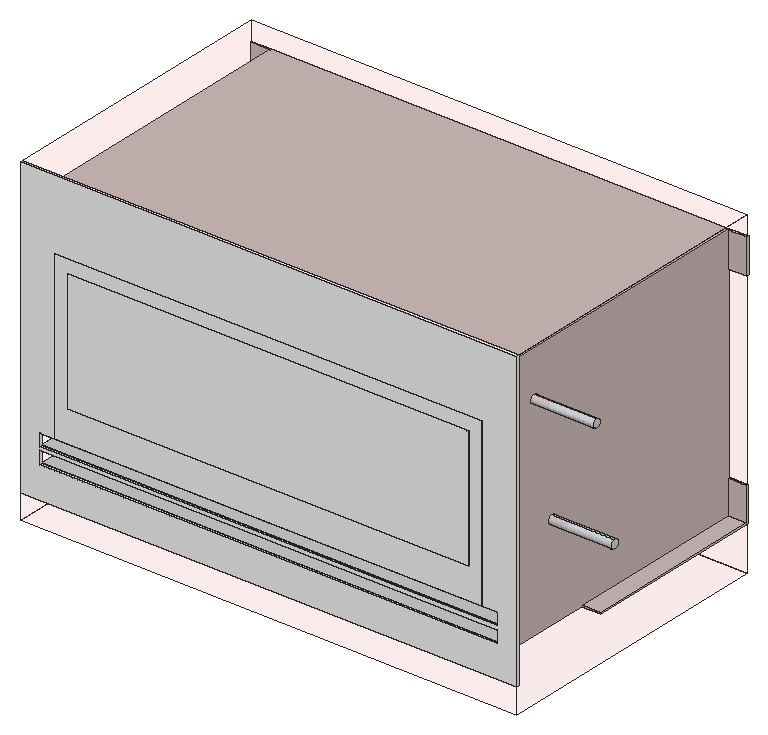
Revit family "Air-Curtain_Customer-Entry_PoweredAire_ECC-HW", category Mechanical Equipment, host Face, Revit 2019
Family settings
  Host = Face
  Round Connector Dimension = Use Diameter
  Part Type = Normal
  OmniClass Number = 23.75.35.17.21
  OmniClass Title = Air Curtains
  Cut with Voids When Loaded = No
  Shared = No
  Room Calculation Point = No
Parameters
  upperpiperotation [instance] = if(Upper Pipe Connection Side A, 0.00°, 180.00°)  # 0.00°
  lowerpiperotation [instance] = if(Lower Pipe Connection Side A, 0.00°, 180.00°)  # 0.00°
  locateupperpipe [instance] = if(Upper Pipe Connection Side A, 0' 0", Nozzle Width)  # 0' - 0"
  locatelowerpipe [instance] = if(Lower Pipe Connection Side A, 0' 0", Nozzle Width)  # 0' - 0"
  Warranty Duration (Years) = 0
  Upper Pipe Connection Side A [instance] = yes
  Unit Width Notes = "Other Widths available."  # constant formula
  Unit Width = 3' - 3"
  Unit Weight = 0
  Unit Height = 1' - 10 3/4"
  Unit Depth = 1' - 11 1/4"
  URL = "http://www.poweredaire.com/"
  Test Data = ""
  Standards Conformance = "as Specified"
  Specification = "http://www.arcat.com/sdspecs/htm04/23_34_33pai.htm"
  SpecWizard = ""
  Sound Pressure = "as Specified"
  Sales Information = "http://www.poweredaire.com/contact_us"
  Revision = "R1_2016-08"
  Projection from Host [instance] = 0' - 2"
  Product Properties = ""
  Product Data = "http://www.arcat.com/arcatcos/cos47/arc47623.html"
  Power Rating = 0 W
  Piping_Water Flow [instance] = 0 GPM
  Piping_Operating Pressure [instance] = 0.00 psi
  Piping_Exit Temperature [instance] = 0 °F
  Piping_Entry Temperature [instance] = 0 °F
  Pipe OD [instance] = 5/8"
  Nozzle Width = if(1 = 1, Unit Width - 0' 3", 0' 0")  # 3' - 0"
  Mounting Width = if(1 = 1, Unit Width - 0' 1 1/2", 0' 0")  # 3' - 1 1/2"
  Mounting Height [instance] = 3' - 6"
  Motor RPM = 0
  Motor HP = 0
  Motor Count = 0
  Model = "As Specified"
  Max Height = 0' - 0"
  Manufacturer Website = "http://www.poweredaire.com/"
  Manufacturer Phone - Toll Free = "888-321-2473"
  Manufacturer Phone = "724-588-3305"
  Manufacturer Fax = "724-588-3371"
  Manufacturer Address = "109 Mortensen Rd.  Greenville, PA 16125"
  Manufacturer = "Powered Aire, Inc"
  Maintenance Schedule (Months) = 0
  Lower Pipe Connection Side A [instance] = yes
  Keynote = "23 34 33"
  Installation-Fabrication = ""
  Installation Phase = ""
  Include Clearance [instance] = yes
  Heating Element Load = 0 W
  HVAC_Temperature Rise = 0 °F
  HVAC_Outlet Volume = 0 CFM
  HVAC_Outlet Velocity Uniformity = 0
  HVAC_Outlet Velocity = 0 FPM
  HVAC_BTU Input = 0.0 Btu/h
  Green Building-LEED = "http://www.arcat.com/green/clients/leed_data_47623.html"
  Front Grating Material [instance] = Metal - Steel - PoweredAire - White Perforated
  Frame Finish [instance] = Metal - Steel - PoweredAire - Stainless 304
  Expected Lifespan (Years) = 0
  Electrical_Wattage [instance] = Power Rating + Heating Element Load  # 0 W
  Electrical_Voltage [instance] = 0 V
  Electrical_Phase [instance] = 1
  Electrical_Frequency [instance] = 0 Hz
  Electrical_Amperage [instance] = 0 A
  Drawn By = "Sumex Design, Inc. / Robert S. Weygant, CSI, CDT, SCIP"
  Description = "Powered Aire Air Curtain as Specified"
  Default Elevation = 0' - 0"  # constant formula
  Cover Finish [instance] = Metal - Steel - PoweredAire - White
  Copyright = "©Arcat Inc."
  Construction Details = "http://www.arcat.com/details/powair/prod3336.html"
  Clearance_Top [instance] = 0' - 0"
  Clearance_Side B [instance] = 0' - 0"
  Clearance_Side A [instance] = 0' - 0"
  Clearance_Intake [instance] = 0' - 0"
  Clearance_Front [instance] = 0' - 0"
  Clearance Material [instance] = ARCAT Clearance
  Building Codes = ""
  Available Options [instance] = "as Specified"
  Assembly Code = "D3090400"
Reference planes (in)
  plane 1 "Center (Elevation)": y = 11.51318
  plane 2: z = 0
  plane 3 "Center (Left/Right)": x = 0
  plane 4: y = 22.88818
  plane 5: y = 0.13818
  plane 6: x = -19.5
  plane 7: x = 19.5
  plane 8: z = 25.25
  plane 9 "FF": y = -41.86182
  plane 10: z = 2
  plane 11: x = 18
  plane 12: x = -18
  plane 13: y = 22.88818
  plane 14: y = 0.13818
  plane 15: x = -19.5
  plane 16: x = 19.5
  plane 17: z = 25.25
  plane 18: y = 0.38818
  plane 19: x = 18
  plane 20: x = 18
  plane 21: z = 20.25
  plane 22: z = 11
Forms (in)
  Extrusion 1, solid, material "ARCAT Clearance" <- "Clearance Material", visible <- "Include Clearance"
    sketch origin (0, 0, 0) x (0, 1, 0) y (0, 0, 1)
      loop
        line (0.13818, 25.25) -> (0.13818, 0) -> (22.88818, 0) -> (22.88818, 25.25) -> (0.13818, 25.25)
    from -19.5 to 19.5
  Extrusion 2, solid, material "Metal - Steel - PoweredAire - White" <- "Cover Finish"
    sketch origin (0, 11.51318, 0) x (1, 0, 0) y (0, 0, 1)
      loop
        line (-19.5, 25.25) -> (-19.5, 2) -> (19.5, 2) -> (19.5, 25.25) -> (-19.5, 25.25)
    from 11.125 to 11.375
  Extrusion 3, solid, material "Metal - Steel - PoweredAire - Stainless 304" <- "Frame Finish"
    sketch origin (0, 11.51318, 0) x (1, 0, 0) y (0, 0, 1)
      loop
        line (18, 23.75) -> (-18, 23.75) -> (-18, 3.5) -> (18, 3.5) -> (18, 23.75)
    from -11.375 to 11.125
  Extrusion 4, void
    sketch origin (0, 0, 0) x (0, 1, 0) y (0, 0, 1)
      loop
        line (0.13818, 5.5) -> (0.13818, 4.5) -> (1.88818, 4.5) -> (1.88818, 6.75) -> (0.13818, 6.75) -> (0.13818, 5.75) -> (1.63818, 5.75) -> (1.63818, 5.5) -> (0.13818, 5.5)
    from -18 to 18
  Extrusion 5, solid, material "Metal - Steel - PoweredAire - White" <- "Cover Finish"
    sketch origin (-11.83813, 0.13818, 48) x (-1, 0, 0) y (0, 0, 1)
      loop
        line (4.91187, -41.25) -> (4.91187, -28.25) -> (-28.58813, -28.25) -> (-28.58813, -41.25) -> (4.91187, -41.25)
    from 0 to -0.03125
  Extrusion 6, solid, material "Metal - Steel - PoweredAire - White Perforated" <- "Front Grating Material"
    sketch origin (-11.83813, 0.10693, 48) x (1, 0, 0) y (0, 0, 1)
      loop
        line (-3.91187, -29.25) -> (-3.91187, -38.75) -> (27.58813, -38.75) -> (27.58813, -29.25) -> (-3.91187, -29.25)
    from 0 to 0.03125
  Extrusion 7, solid, material "Metal - Steel - PoweredAire - Stainless 304" <- "Frame Finish"
    sketch origin (-15.17702, -180, 2) x (-1, 0, 0) y (0, -1, 0)
      loop
        line (-33.17702, -202.88818) -> (-33.17702, -188.38818) -> (-34.67702, -188.38818) -> (-34.67702, -202.88818) -> (-33.17702, -202.88818)
      loop
        line (2.82298, -202.88818) -> (4.32298, -202.88818) -> (4.32298, -188.38818) -> (2.82298, -188.38818) -> (2.82298, -202.88818)
    from 1.5 to 1.625
  Extrusion 8, solid, material "Metal - Steel - PoweredAire - Stainless 304" <- "Frame Finish"
    sketch origin (-11.83813, 22.88818, 48) x (-1, 0, 0) y (0, 0, 1)
      loop
        line (7.66187, -44.5) -> (7.66187, -41.75) -> (6.16187, -41.75) -> (6.16187, -44.5) -> (7.66187, -44.5)
      loop
        line (-31.33813, -44.5) -> (-29.83813, -44.5) -> (-29.83813, -41.75) -> (-31.33813, -41.75) -> (-31.33813, -44.5)
      loop
        line (7.66187, -27) -> (7.66187, -24.25) -> (6.16187, -24.25) -> (6.16187, -27) -> (7.66187, -27)
      loop
        line (-31.33813, -27) -> (-29.83813, -27) -> (-29.83813, -24.25) -> (-31.33813, -24.25) -> (-31.33813, -27)
    from 0 to -0.125
  Sweep 9, solid
    path origin (18, 11.51318, 20.25) x (1, 0, 0) y (0, 0, 1)
      loop
        line (0, 0) -> (5, 0)
    profile origin (20.5, 11.51318, 20.25) x (0, 0, 1) y (0, -1, 0)
      loop
        circle (0, 7.875) r 0.3125
  Sweep 10, solid
    path origin (18, 11.51318, 11) x (1, 0, 0) y (0, 0, 1)
      loop
        line (0, 0) -> (5, 0)
    profile origin (20.5, 11.51318, 11) x (0, 0, 1) y (0, -1, 0)
      loop
        circle (0, 6.125) r 0.3125
Cuts and joins
  Extrusion 4 cuts Extrusion 1
  Extrusion 4 cuts Extrusion 2
  Extrusion 4 cuts Extrusion 3
Lines and regions (in)
  reference lines
    curve 1: line (18, 11.51318, 20.25) -> (25.75, 11.51318, 20.25)
    curve 2: line (18, 11.51318, 11) -> (26.25, 11.51318, 11)
Dimensions and locks (in)
  equal spacing: plane 4, plane 1 "Center (Elevation)", plane 5
  "Unit Height": plane 4 to plane 5
  equal spacing: plane 6, plane 3 "Center (Left/Right)", plane 7
  "Unit Width": plane 6 to plane 7
  "Mounting Height": plane 5 to plane 9 "FF"
  "Projection from Host": plane 10 to level
  "Unit Depth": plane 8 to plane 10
  locked: plane 6 to plane 12 at 1.5
  locked: plane 11 to plane 7 at 1.5
  "Clearance_Side A": plane 7 to plane 16
  "Clearance_Side B": plane 15 to plane 6
  "Clearance_Top": plane 13 to plane 4
  "Clearance_Intake": plane 5 to plane 14
  "Clearance_Front": plane 17 to plane 8
  locked: plane 8 to Extrusion 3 sketch curve at 1.5
  locked: Extrusion 3 sketch curve to plane 10 at 1.5
  locked: plane 7 to Extrusion 3 sketch curve at 1.5
  locked: Extrusion 3 sketch curve to plane 6 at 1.5
  locked: plane 18 to plane 5 at 0.25
  Extrusion 4 sketch curve to Extrusion 4 sketch curve to Extrusion 4 sketch curve to Extrusion 4 sketch curve to plane 10 = 0' - 1" locked, 0' - 0 1/4" locked, 0' - 1" locked, 0' - 2 1/2" locked
  Extrusion 5 sketch curve to Extrusion 5 sketch curve to plane 10 = 1' - 1" locked, 0' - 4 3/4" locked
  locked: plane 11 to Extrusion 5 sketch curve at 1.25
  locked: Extrusion 5 sketch curve to plane 12 at 1.25
  Extrusion 6 sketch curve to Extrusion 6 sketch curve to plane 10 = 0' - 9 1/2" locked, 0' - 7 1/4" locked
  locked: Extrusion 6 sketch curve to plane 12 at 2.25
  locked: plane 11 to Extrusion 6 sketch curve at 2.25
  locked: plane 4 to Extrusion 7 sketch curve at 14.5  (x2)
  Extrusion 8 sketch curve to Extrusion 8 sketch curve to Extrusion 8 sketch curve to Extrusion 8 sketch curve to plane 10 = 0' - 2 3/4" locked, 1' - 2 3/4" locked, 0' - 2 3/4" locked, 0' - 1 1/2" locked  (x2)
  "locatelowerpipe": plane 19 to plane 11
  "locateupperpipe": plane 20 to plane 11
  locked: plane 8 to plane 21 at 5
  locked: plane 22 to plane 10 at 9
  locked: curve 1 to Sweep 9 sketch curve at 5
  locked: curve 1 to Sweep 9 sketch curve
  locked: curve 2 to Sweep 10 sketch curve at 5
  locked: curve 2 to Sweep 10 sketch curve
  locked: plane 5 to Sweep 9 sketch curve at 3.5
  locked: plane 5 to Sweep 10 sketch curve at 5.25
  "lowerpiperotation": angle plane 21 to curve 1
  "upperpiperotation": angle plane 22 to curve 2
  aligned and locked: plane 2 to host face
  aligned and locked: level to host face
  aligned and locked: Extrusion 1 sketch curve to plane 17
  aligned and locked: plane 14 to Extrusion 1 sketch curve
  aligned and locked: level to Extrusion 1 sketch curve
  aligned and locked: Extrusion 1 sketch curve to plane 13
  aligned and locked: plane 16 to Extrusion 1
  aligned and locked: Extrusion 1 to plane 15
  aligned and locked: Extrusion 2 sketch curve to plane 8
  aligned and locked: plane 6 to Extrusion 2 sketch curve
  aligned and locked: Extrusion 2 sketch curve to plane 10
  aligned and locked: Extrusion 2 sketch curve to plane 7
  aligned and locked: Extrusion 3 to plane 4
  aligned and locked: Extrusion 3 to plane 18
  aligned and locked: Extrusion 2 to plane 18
  aligned and locked: Extrusion 2 to plane 5
  aligned and locked: plane 11 to Extrusion 4
  aligned and locked: Extrusion 4 to plane 12
  aligned and locked: Extrusion 7 sketch curve to plane 4  (x2)
  aligned and locked: plane 20 to curve 2
  aligned and locked: plane 22 to curve 2
  aligned and locked: plane 19 to curve 1
  aligned and locked: plane 21 to curve 1
Automatic sketch dimensions
  host sketch curve to host sketch curve = 8' - 0"  (x2)
  Extrusion 4 sketch curve to plane 5 = 0' - 0"  (x2)
  plane 18 to Extrusion 4 sketch curve = 0' - 1 1/4"
  Extrusion 4 sketch curve to Extrusion 4 sketch curve = 0' - 0 1/4"
  Extrusion 7 sketch curve to plane 7 = 0' - 0"
  Extrusion 7 sketch curve to plane 11 = 0' - 0"
  Extrusion 7 sketch curve to plane 12 = 0' - 0"
  Extrusion 7 sketch curve to plane 6 = 0' - 0"
  Extrusion 8 sketch curve to plane 7 = 0' - 0"  (x2)
  Extrusion 8 sketch curve to plane 11 = 0' - 0"  (x2)
  Extrusion 8 sketch curve to plane 12 = 0' - 0"  (x2)
  Extrusion 8 sketch curve to plane 6 = 0' - 0"  (x2)
  profile plane to Sweep 9 sketch curve = 0' - 0"
  profile plane to Sweep 10 sketch curve = 0' - 0"
  radius of Sweep 9 sketch curve = 0' - 0 5/16"
  radius of Sweep 10 sketch curve = 0' - 0 5/16"
Connectors (in)
  electrical at (-18, 6.38818, 9.625), driven by "Electrical_Voltage", driven by "Electrical_Phase"
    settings: on cut or joined group of Extrusion 3, Extrusion 4, index 1, voltage 0 V, apparent load 0 VA, apparent load phase1 0 VA, apparent load phase2 0 VA, apparent load phase3 0 VA, power factor 1, load classification "Other", number of poles 1, system type 31, power factor state 1, is connector primary yes, connector utility no, sub classification motor no, connector description ""
  piping at (23, 3.63818, 20.25), diameter 0.625, driven by "Pipe OD"
    settings: on Sweep 9, index 2, connector inside diameter 24", connector length 0' - 0", flow factor 0, pipe flow 0 GPM, pressure drop 0.00 psi, fitting loss kfactor 0, connector angle 0.00°, fixture units 0, engagement length 0' - 0", angle of deflection 0.00°, flow configuration 0, flow direction 0, fitting loss method 0, system type 29, joint type 0, gender type 0, connector reference index -1, connector utility 0, adjustable connector no, is connector primary no, connector description "Define Supply or Return and Location"
  piping at (23, 5.38818, 11), diameter 0.625, driven by "Pipe OD"
    settings: on Sweep 10, index 3, connector inside diameter 24", connector length 0' - 0", flow factor 0, pipe flow 0 GPM, pressure drop 0.00 psi, fitting loss kfactor 0, connector angle 0.00°, fixture units 0, engagement length 0' - 0", angle of deflection 0.00°, flow configuration 0, flow direction 0, fitting loss method 0, system type 29, joint type 0, gender type 0, connector reference index -1, connector utility 0, adjustable connector no, is connector primary yes, connector description "Define Supply or Return and Location"
